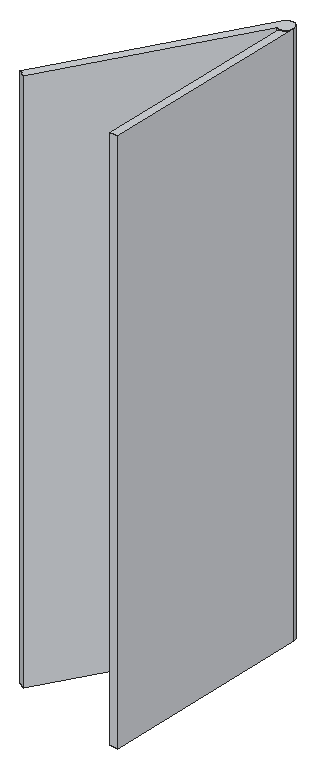
Revit family "BG_DORc_Hinge-Type1", category Doors, Revit 2020
Family settings
  Work Plane-Based = Yes
  Always vertical = Yes
  Cut with Voids When Loaded = No
  Shared = No
  Room Calculation Point = No
Parameters
  Width = 0 mm  # constant formula
  Rough Width = 0 mm  # constant formula
  Rough Height = 0 mm  # constant formula
  Open angle [instance] = 30.00°
  Hinge thickness = 1.5 mm
  Hinge depth = 40 mm
  Height = 100 mm
  Finish = none
  Default Elevation = 1219.2 mm
Reference planes
  plane 1 "Front": y = 0
  plane 2 "Center (Elevation)": z = 0
  plane 3 "Center (Left/Right)": x = 0
  plane 4 "Right": x = 1.5
  plane 5: y = -40
  plane 6: z = 50
  plane 7: z = -50
Forms (mm)
  Extrusion 1, solid, material <- "Finish"
    sketch origin (0, 0, 0) x (0, 1, 0) y (-1, 0, 0)
      loop
        line (0.75, 1.299) -> (-33.891, 21.299) -> (-34.641, 20) -> (0, 0) -> (0.75, 1.299)
    from -50 to 50
  Extrusion 2, solid, material <- "Finish"
    sketch origin (0, 0, 0) x (1, 0, 0) y (0, 1, 0)
      loop
        line (1.5, -40) -> (1.5, 0)
        arc (1.5, 0) -> (1.061, -1.061) -> (0, -1.5) r 1.5
        line (0, -1.5) -> (0, -40) -> (1.5, -40)
    from -50 to 50
  Extrusion 3, solid, material <- "Finish"
    sketch origin (0, 0, 0) x (1, 0, 0) y (0, 1, 0)
      loop
        circle (0, 0) r 1.5
    from -50 to 50
Cuts and joins
  joined: Extrusion 1, Extrusion 3
Lines and regions (mm)
  reference lines
    curve 1: line (0, 0, 0) -> (1.5, 0, 0)
    curve 2: line (0, 0, 0) -> (-20, -34.641, 0)
    curve 3: line (0, 0, 0) -> (-1.299, 0.75, 0)
    curve 4: line (-1.299, 0.75, 0) -> (-21.299, -33.891, 0)
    curve 5: line (-20, -34.641, 0) -> (-21.299, -33.891, 0)
Dimensions and locks
  "Hinge thickness": curve 2 to curve 4
  "Hinge thickness": plane 3 "Center (Left/Right)" to plane 4 "Right"
  "Hinge depth": plane 1 "Front" to plane 5
  "Hinge depth": curve 3 to curve 5
  equal spacing: plane 6, level, plane 7
  "Height": plane 6 to plane 7
  "Hinge thickness": radius of Extrusion 3 sketch curve
  "Hinge thickness": radius of Extrusion 2 sketch curve
  locked: cut or joined group of Extrusion 1, Extrusion 3 to cut or joined group of Extrusion 1, Extrusion 3 (angle 90.00°)
  locked: cut or joined group of Extrusion 1, Extrusion 3 to curve 3 (angle 90.00°)
  "Open angle": angle curve 4 to plane 3 "Center (Left/Right)"
  aligned and locked: level to plane 2 "Center (Elevation)"
  aligned and locked: plane 3 "Center (Left/Right)" to curve 1
  aligned and locked: plane 1 "Front" to curve 1
  aligned and locked: Extrusion 2 sketch curve to plane 4 "Right"
  aligned and locked: Extrusion 2 sketch curve to plane 5
  aligned and locked: plane 4 "Right" to curve 1
  aligned and locked: plane 1 "Front" to Extrusion 3 sketch curve
  aligned and locked: plane 3 "Center (Left/Right)" to Extrusion 2 sketch curve  (x2)
  aligned and locked: plane 3 "Center (Left/Right)" to Extrusion 3 sketch curve
  aligned and locked: plane 1 "Front" to Extrusion 2 sketch curve
  aligned and locked: plane 6 to Extrusion 1
  aligned and locked: plane 6 to Extrusion 3
  aligned and locked: plane 6 to Extrusion 2
  aligned and locked: plane 7 to Extrusion 1
  aligned and locked: plane 7 to Extrusion 2
  aligned and locked: plane 7 to Extrusion 3
  aligned and locked: Extrusion 1 sketch curve to curve 4
  aligned and locked: Extrusion 1 sketch curve to curve 2
  aligned and locked: Extrusion 1 sketch curve to curve 5
  aligned and locked: Extrusion 1 sketch curve to curve 3
